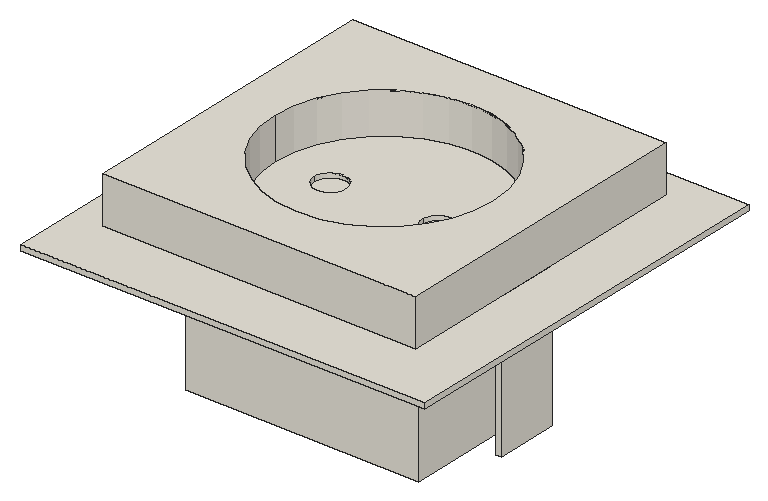
Revit family "Gira_277826", category Electrical Fixtures, host Face, Revit 2017
Family settings
  Host = Face
  Maintain Annotation Orientation = Yes
  Round Connector Dimension = Use Diameter
  Part Type = Normal
  Cut with Voids When Loaded = No
  Shared = No
  Room Calculation Point = No
Parameters (values of type "Sock.BS 13 A switched + SH System 55 c.alum.")
  With signal lamp = "No"
  With orientation lighting = "No"
  With on/off switch = "Yes"
  With miniature fuse = "No"
  With loop through function = "No"
  With hinged lid = "No"
  With function lighting = "No"
  With child-protection = "Yes"
  With built-in USB power supply = "No"
  URL = "http://katalog.gira.de/en/datenblatt.html?artikelnr=277826"
  Type of fastening = "Mounting with claw and screw"
  Transparent = "No"
  Surface protection = "Other"
  Suitable for degree of protection (IP) = "IP20"
  Special power supply = "No special power supply"
  Rotated central insert = "No"
  Protective earth pin round = "No"
  Protective contact = "No"
  Over voltage protection = "No"
  Number of units = "1"
  Number of socket outlets switchable = "1"
  Number of modules (module system) = "1"
  Nominal voltage = "250"
  Nominal current = "13"
  Name = "Sock.BS 13 A switched + SH System 55 c.alum."
  Mounting method = "Flush mounted (plaster)"
  Model = "British Standard"
  Material quality = "Thermoplastic"
  Material = "Plastic"
  Manufacturer URL = "https://www.gira.de/"
  Manufacturer = "Gira"
  Lockable = "No"
  Label space/information surface = "No"
  Insulated mounting = "No"
  Imprint/indication = "Without imprint"
  HeinzeBIM = "https://bimportal.heinze.de/bim/sock-bs-13-a-switched-sh-system-55-c-alum-/6b2d4130ded8f7bea85b6f3f73e578803401bff9"
  Halogen free = "Yes"
  HAN = "277826"
  GTIN = "4010337079491"
  Für "erschwerte Bedingungen" (nach VDE) (*de-DE) = "No"
  Fault current protection = "No"
  Eject-mechanism = "No"
  Description = "Sock.BS13A swt.SH Sys55 CAl,Socket outlet British Standard (BS 1363-2) 13 A 250 V~ switched, with shutter,System 55, Support ring 71 x 71 mm,colour aluminium,Features:,- With screw terminals.,- For screw mounting only."
  Default Elevation = 1219.2 mm
  Data sheet (1) = "https://katalog.gira.de/en/download.html?artikelnr=277826"
  Cremeweiß glänzend = Cremeweiß glänzend
  Connection type = "Screwed terminal"
  Colour = "Aluminium"
  Category = "Socket outlet"
  BIM (1) = "https://media.stage.bim.site/public/gira/36a6b08/SYS55_Steckdose.rfa"
  Available = "No"
  Antibacterial treatment = "No"
Reference planes
  plane 1 "Center (Front/Back)": y = 0
  plane 2 "Reference Level 0": z = 0
  plane 3 "Center (Left/Right)": x = 0
  plane 4: x = 9.5
  plane 5: x = -9.5
  plane 6: x = 9.5
  plane 7: x = -9.5
  plane 8: x = 9.5
  plane 9: x = -9.5
  plane 10: x = 17.5
  plane 11 "Reference Level 1": z = 8.2
Forms (mm)
  Extrusion 1, solid, material "Cremeweiß glänzend" <- "Cremeweiß glänzend", detail levels coarse
    sketch origin (0, 0, 0) x (1, 0, 0) y (0, 1, 0)
      loop
        line (-35.5, 35.5) -> (-35.5, -35.5) -> (35.5, -35.5) -> (35.5, 35.5) -> (-35.5, 35.5)
    from -27.5 to 8.2
  Extrusion 2, solid, material "Cremeweiß glänzend" <- "Cremeweiß glänzend", detail levels medium+fine
    sketch origin (0, 0, 0) x (1, 0, 0) y (0, 1, 0)
      loop
        line (-35.5, 35.5) -> (-35.5, -35.5) -> (35.5, -35.5) -> (35.5, 35.5) -> (-35.5, 35.5)
    from -2.2 to -3.2
  Extrusion 3, solid, material "Cremeweiß glänzend" <- "Cremeweiß glänzend", detail levels medium+fine
    sketch origin (0, 0, 0) x (1, 0, 0) y (0, 1, 0)
      loop
        line (-27.5, 27.5) -> (-27.5, -27.5) -> (27.5, -27.5) -> (27.5, 27.5) -> (-27.5, 27.5)
      loop
        circle (0, 0) r 19.2
    from 0 to 8.2
  Extrusion 4, solid, material "Cremeweiß glänzend" <- "Cremeweiß glänzend", detail levels fine
    sketch origin (0, 0, 0) x (1, 0, 0) y (0, 1, 0)
      loop
        circle (0, 0) r 19.2
      loop
        circle (9.5, 0) r 2.8
      loop
        circle (-9.5, 0) r 2.8
    from 0 to 1
  Extrusion 5, solid, material "Cremeweiß glänzend" <- "Cremeweiß glänzend", detail levels fine
    sketch origin (0, 0, 0) x (1, 0, 0) y (0, 1, 0)
      loop
        circle (-9.5, 0) r 2.8
      loop
        circle (9.5, 0) r 2.8
    from -2.2 to 0.3
  Extrusion 6, solid, material "Cremeweiß glänzend" <- "Cremeweiß glänzend", detail levels medium
    sketch origin (0, 0, 0) x (1, 0, 0) y (0, 1, 0)
      loop
        circle (0, 0) r 19.2
      loop
        circle (9.5, 0) r 2.8
      loop
        circle (-9.5, 0) r 2.8
    from 7.2 to 8.2
  Extrusion 7, solid, material "Cremeweiß glänzend" <- "Cremeweiß glänzend", detail levels medium
    sketch origin (0, 0, 0) x (1, 0, 0) y (0, 1, 0)
      loop
        circle (-9.5, 0) r 2.8
      loop
        circle (9.5, 0) r 2.8
    from 7.2 to 8.2
  Extrusion 8, solid, material "Cremeweiß glänzend" <- "Cremeweiß glänzend", detail levels medium+fine
    sketch origin (0, 0, 0) x (1, 0, 0) y (0, 1, 0)
      loop
        line (-20.5, 9) -> (-20.5, -18) -> (20.5, -18) -> (20.5, 9) -> (17.5, 9) -> (3, 21) -> (3, 24) -> (-3, 24) -> (-3, 21) -> (-17.5, 9) -> (-20.5, 9)
    from 0 to -27.5
  Extrusion 9, solid, material "Cremeweiß glänzend" <- "Cremeweiß glänzend", detail levels medium+fine
    sketch origin (0, 0, 0) x (1, 0, 0) y (0, 1, 0)
      loop
        line (-25, 5.5) -> (-25, -5.5) -> (-24, -5.5) -> (-24, 5.5) -> (-25, 5.5)
    from 0 to -27.5
  Extrusion 10, solid, material "Cremeweiß glänzend" <- "Cremeweiß glänzend", detail levels medium+fine
    sketch origin (0, 0, 0) x (-1, 0, 0) y (0, -1, 0)
      loop
        line (-25, 5.5) -> (-25, -5.5) -> (-24, -5.5) -> (-24, 5.5) -> (-25, 5.5)
    from 0 to -27.5
Dimensions and locks
  aligned and locked: plane 2 "Reference Level 0" to host face
  aligned and locked: level to host face
  aligned and locked: plane 3 "Center (Left/Right)" to nested 1
  aligned and locked: plane 1 "Center (Front/Back)" to nested 1
Nested families
  nested 1: "Steckdose 1-fach Beschriftung" at (0, 0, 0), type "Steckdose 1-fach Beschriftung"
Connectors
  electrical at (0, 9, -27.5)
    settings: on Extrusion 8, index 1, voltage 220 V, apparent load 0 VA, apparent load phase1 0 VA, apparent load phase2 0 VA, apparent load phase3 0 VA, power factor 1, load classification "Other", number of poles 1, system type 31, power factor state 1, is connector primary yes, connector utility no, sub classification motor no, connector description ""
Definition of nested family "Steckdose 1-fach Beschriftung"
  Reference planes
    plane 1: y = 0
    plane 2: x = 0
  Lines and regions (mm)
    detail lines
      curve 1: line (0, 0, 0) -> (0, 2, 0)
      curve 3: line (0, 2, 0) -> (-1, 2, 0)
      curve 4: arc (1, 3, 0) -> (0, 2, 0) -> (-1, 3, 0) r 1
      curve 5: line (0, 2, 0) -> (1, 2, 0)
    reference lines
      curve 2: line (-0.485, 3, 0) -> (2.315, 3, 0)
  Dimensions and locks
    curve 1 to curve 1 = 2 mm
    plane 1 to curve 2 = 3 mm
    curve 3 to curve 3 = 1 mm
